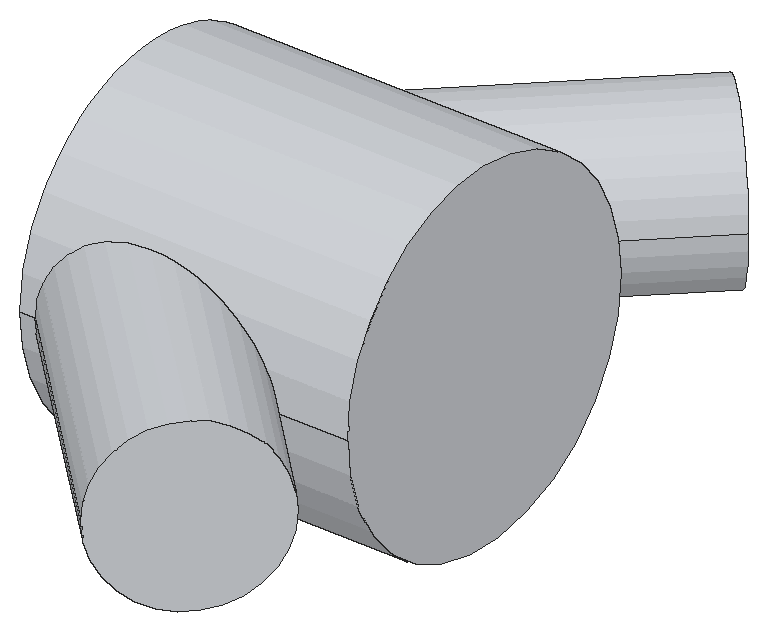
Revit family "M_Round Double Wye", category Duct Fittings, Revit 2014
Parameters (values of type "Standard")
  Duct Total Length [instance] = if(Angle 3 < 90.00°, Duct Length 1 * 2, if(Duct Shoulder 3 > Duct Shoulder 4, Duct Length 1 + 25 mm + Duct Shoulder 3, Duct Length 1 + 25 mm + Duct Shoulder 4))  # 1274.264 mm
  Duct Shoulder 4 [instance] = if(Angle 3 < 90.00°, Duct Radius 4 / sin(Angle 4) - Duct Radius 1 * (1 / tan(Angle 4)), Duct Radius 4 / sin(Angle 4) - Duct Radius 1 * (1 / tan(180.00° - Angle 4)))  # -87.868 mm
  Duct Shoulder 3 [instance] = if(Angle 3 < 90.00°, Duct Radius 3 / sin(Angle 3) - Duct Radius 1 * (1 / tan(Angle 3)), Duct Radius 3 / sin(Angle 3) - Duct Radius 1 * (1 / tan(180.00° - Angle 3)))  # -87.868 mm
  Duct Shoulder 2 [instance] = if(Angle 4 < 90.00°, Duct Radius 1 * (1 / tan(Angle 4)) + Duct Radius 4 / sin(Angle 4), Duct Radius 1 * (1 / tan(180.00° - Angle 4)) + Duct Radius 4 / sin(Angle 4))  # 512.132 mm
  Duct Shoulder 1 [instance] = if(Angle 3 < 90.00°, Duct Radius 1 * (1 / tan(Angle 3)) + Duct Radius 3 / sin(Angle 3), Duct Radius 1 * (1 / tan(180.00° - Angle 3)) + Duct Radius 3 / sin(Angle 3))  # 512.132 mm
  Duct Radius 4 [instance] = 150 mm
  Duct Radius 3 [instance] = 150 mm
  Duct Radius 1 [instance] = 300 mm
  Duct Length 4 [instance] = Duct Radius 1 / sin(Angle 4) * 2  # 848.528 mm
  Duct Length 3 [instance] = Duct Radius 1 / sin(Angle 3) * 2  # 848.528 mm
  Duct Length 2 [instance] = if(Duct Shoulder 3 > Duct Shoulder 4, Duct Length 1 + 25 mm + Duct Shoulder 3, Duct Length 1 + 25 mm + Duct Shoulder 4)  # 574.264 mm
  Duct Length 1 [instance] = if(Duct Shoulder 1 > Duct Shoulder 2, Duct Shoulder 1 + 125 mm, Duct Shoulder 2 + 125 mm)  # 637.132 mm
  Angle 4 [instance] = 45.00°
  Angle 3 [instance] = 45.00°
Reference planes
  plane 1 "Center (Front/Back)": y = 0
  plane 2: z = 0
  plane 3 "Center (Left/Right)": x = 0
  plane 4: x = 62.868
  plane 5: x = 637.132
  plane 6: x = -637.132
  plane 7: x = 1329.078
Forms (mm)
  Sweep 1, solid, detail levels medium+fine
    path in 3D
      loop
        line (0, 0, 0) -> (600, 600, 0)
    profile origin (300, 300, 0) x (-0.707107, 0.707107, 0) y (0, 0, 1)
      loop
        circle (0, 0) r 150
  Sweep 2, solid, detail levels medium+fine
    path in 3D
      loop
        line (0, 0, 0) -> (600, -600, 0)
    profile origin (300, -300, 0) x (0.707107, 0.707107, 0) y (0, 0, 1)
      loop
        circle (0, 0) r 150
  Sweep 3, void
    path in 3D
      loop
        line (-637.132, 0, 0) -> (1329.078, 0, 0)
    profile origin (345.973, 0, 0) x (0, 1, 0) y (0, 0, 1)
      loop
        circle (0, 0) r 300
  Sweep 4, solid, detail levels medium+fine
    path in 3D
      loop
        line (62.868, 0, 0) -> (637.132, 0, 0)
    profile origin (350, 0, 0) x (0, 1, 0) y (0, 0, 1)
      loop
        circle (0, 0) r 300
Cuts and joins
  Sweep 3 cuts Sweep 1
  Sweep 3 cuts Sweep 2
  joined: Sweep 1, Sweep 2, Sweep 4
Lines and regions (mm)
  model lines, detail levels coarse
    curve 1: line (0, 0, 0) -> (600, 600, 0)
    curve 2: line (0, 0, 0) -> (600, -600, 0)
    curve 3: line (62.868, 0, 0) -> (637.132, 0, 0)
  reference lines
    curve 4: line (-637.132, 0, 0) -> (1329.078, 0, 0)
  sketch lines
    curve 5: line (0, 0, 0) -> (600, 600, 0)
    curve 6: line (0, 0, 0) -> (600, -600, 0)
    curve 7: line (-637.132, 0, 0) -> (1329.078, 0, 0)
    curve 8: line (62.868, 0, 0) -> (637.132, 0, 0)
Dimensions and locks
  "Duct Length 3": curve 1 to curve 1
  "Duct Length 4": curve 2 to curve 2
  "Duct Length 2": plane 4 to plane 5
  "Duct Length 1": plane 6 to plane 3 "Center (Left/Right)"
  "Duct Total Length": plane 6 to plane 5
  plane 3 "Center (Left/Right)" to plane 7 = 1329.078 mm
  "Duct Radius 3": radius of Sweep 1 sketch curve
  "Duct Radius 4": radius of Sweep 2 sketch curve
  "Duct Radius 1": radius of Sweep 3 sketch curve
  "Duct Radius 1": radius of Sweep 4 sketch curve
  "Angle 3": angle curve 3 to curve 1
  "Angle 4": angle curve 2 to curve 3
  aligned and locked: plane 4 to curve 3
  aligned and locked: plane 5 to curve 3
  aligned and locked: plane 1 "Center (Front/Back)" to curve 3
  aligned and locked: plane 7 to curve 4
  aligned and locked: plane 6 to curve 4
  aligned and locked: plane 1 "Center (Front/Back)" to curve 4
Automatic sketch dimensions
  curve 2 to plane 1 "Center (Front/Back)" = 0 mm
  curve 2 to plane 3 "Center (Left/Right)" = 0 mm
  Sweep 1 sketch curve to profile plane = 0 mm  (x2)
  Sweep 2 sketch curve to profile plane = 0 mm  (x2)
  Sweep 3 sketch curve to profile plane = 0 mm  (x2)
  Sweep 4 sketch curve to profile plane = 0 mm  (x2)
Connectors
  hvac at (62.868, 0, 0), driven by "Duct Radius 1"
    settings: on cut or joined group of Sweep 1, Sweep 2, Sweep 3, Sweep 4, index 1, duct flow 0.0 L/s, flow factor 0, pres drop 0.0 Pa, loss coef 0, conn angle 0.00°, conn width 304.8 mm, conn height 304.8 mm, conn diameter 600 mm, duct sys type 28, conn prof type 0, flow config 0, flow direction 0, loss method 0, conn ref index 2, conn util no, is conn primary yes, conn desc ""
  hvac at (637.132, 0, 0), driven by "Duct Radius 1"
    settings: on cut or joined group of Sweep 1, Sweep 2, Sweep 3, Sweep 4, index 2, duct flow 0.0 L/s, flow factor 0, pres drop 0.0 Pa, loss coef 0, conn angle 0.00°, conn width 304.8 mm, conn height 304.8 mm, conn diameter 600 mm, duct sys type 28, conn prof type 0, flow config 0, flow direction 0, loss method 0, conn ref index 1, conn util no, is conn primary no, conn desc ""
  hvac at (600, 600, 0), driven by "Duct Radius 3", driven by "Angle 3"
    settings: on cut or joined group of Sweep 1, Sweep 2, Sweep 3, Sweep 4, index 3, duct flow 0.0 L/s, flow factor 0, pres drop 0.0 Pa, loss coef 0, conn angle 45.00°, conn width 304.8 mm, conn height 304.8 mm, conn diameter 300 mm, duct sys type 28, conn prof type 0, flow config 0, flow direction 0, loss method 0, conn ref index -1, conn util no, is conn primary no, conn desc ""
  hvac at (600, -600, 0), driven by "Angle 4", driven by "Duct Radius 4"
    settings: on cut or joined group of Sweep 1, Sweep 2, Sweep 3, Sweep 4, index 4, duct flow 0.0 L/s, flow factor 0, pres drop 0.0 Pa, loss coef 0, conn angle 45.00°, conn width 304.8 mm, conn height 304.8 mm, conn diameter 300 mm, duct sys type 28, conn prof type 0, flow config 0, flow direction 0, loss method 0, conn ref index -1, conn util no, is conn primary no, conn desc ""
